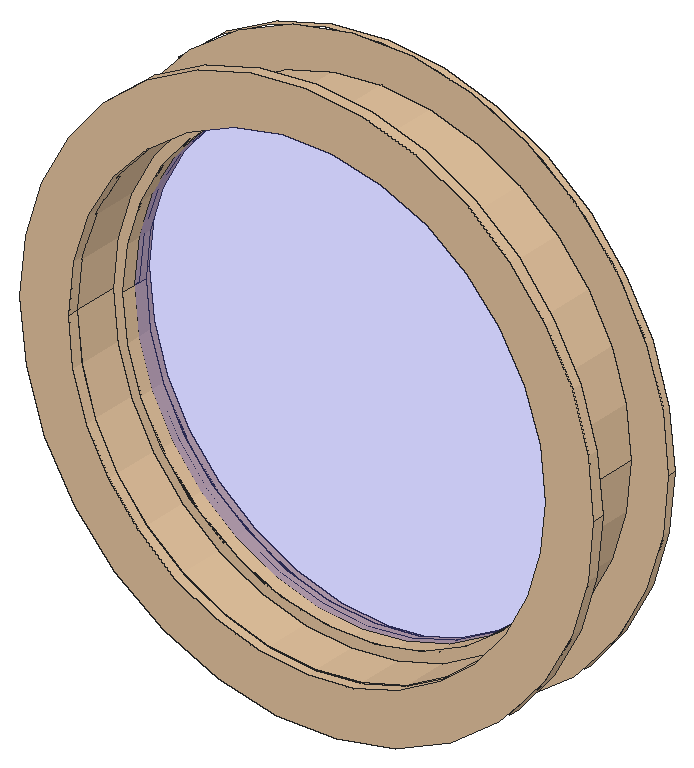
Revit family
Parameters (values of type "36" Diameter")
  Assembly Code = "B2020100"
  Glass Pane Material = Glass
  Sash Material = Sash
  Default Sill Height = 2' - 6"
  Trim Exterior Material = Trim
  Trim Interior Material = Trim
  Trim Projection - Ext. = 0' - 0 1/2"
  Trim Projection - Int. = 0' - 0 3/4"
  Trim Width - Exterior = 0' - 3 1/2"
  Trim Width - Interior = 0' - 3 1/2"
  Wall Closure = (empty or 0)
  Width = 3' - 0"
Types (5): name | Default Sill Height | Width
  (no name) | 2' - 6" | 3' - 0"
  48" Diameter | 2' - 0" | 4' - 0"
  36" Diameter | 2' - 6" | 3' - 0"
  24" Diameter | 3' - 0" | 2' - 0"
  60" Diameter | 1' - 6" | 5' - 0"
Reference planes (in)
  plane 1: y = 0
  plane 2 "Top": z = 66
  plane 3 "Sill": z = 30
  plane 4: z = 48
  plane 5: x = -18
  plane 6: x = 0
  plane 7: x = 18
  plane 8: x = 17.25
  plane 9: x = 20.75
  plane 10: x = -17.25
  plane 11: x = -20.75
  plane 12 "Closure": y = 1.25
Forms (in)
  Extrusion 1, solid, material "Sash" <- "Sash Material"
    sketch origin (0, 0, 0) x (1, 0, 0) y (0, 0, 1)
      loop
        circle (0, 48) r 18
      loop
        circle (0, 48) r 17.25
    from -3 to 3
  Extrusion 2, solid, material "Sash" <- "Sash Material"
    sketch origin (0, 0, 0) x (1, 0, 0) y (0, 0, 1)
      loop
        circle (0, 48) r 17.25
      loop
        circle (0, 48) r 16.5
    from -2.25 to -0.25
  Extrusion 3, solid, material "Glass" <- "Glass Pane Material"
    sketch origin (0, 0, 0) x (1, 0, 0) y (0, 0, 1)
      loop
        circle (0, 48) r 16.5
    from -1.75 to -1.25
  Extrusion 4, solid, material "Trim" <- "Trim Exterior Material"
    sketch origin (0, 0, 0) x (1, 0, 0) y (0, 0, 1)
      loop
        circle (0, 48) r 17.25
      loop
        circle (0, 48) r 20.75
    from -3.5 to -3
  Extrusion 5, solid, material "Trim" <- "Trim Interior Material"
    sketch origin (0, 0, 0) x (1, 0, 0) y (0, 0, 1)
      loop
        circle (0, 48) r 17.25
      loop
        circle (0, 48) r 20.75
    from 3 to 3.75
Lines and regions (in)
  Opening 1
    outline origin (-60, -3, 0) x (1, 0, 0) y (0, 0, 1)
      loop
        circle (60, 48) r 18
Text (in)
  text "Exterior" at (0, 40.15149, 123.01588), in view "Right"
  text "Exterior" at (-58.37056, 28.46503, 0), in view "Floor Line"
  text "Exterior" at (0, 47.49176, 116.85422), in view "Left"
Dimensions and locks (in)
  equal spacing: plane 2 "Top", plane 4, plane 3 "Sill"
  equal spacing: plane 5, plane 6, plane 7
  "Width": plane 5 to plane 7
  "Width": plane 2 "Top" to plane 3 "Sill"
  "Default Sill Height": plane 3 "Sill" to host wall
  locked: Extrusion 2 to Extrusion 2 at 2
  locked: Extrusion 1 to Extrusion 2 at 0.75
  locked: Extrusion 2 to Extrusion 3 at 0.5
  locked: Extrusion 3 to Extrusion 3 at 0.5
  "Trim Projection - Ext.": Extrusion 4 to Extrusion 4
  "Trim Projection - Int.": Extrusion 5 to Extrusion 5
  locked: plane 8 to plane 7 at 0.75
  "Trim Width - Exterior": plane 8 to plane 9
  locked: plane 5 to plane 10 at 0.75
  "Trim Width - Interior": plane 11 to plane 10
  locked: Extrusion 2 to plane 12 "Closure" at 1
  aligned and locked: host wall to Extrusion 1  (x2)
  aligned and locked: Extrusion 4 to host wall
  aligned and locked: Extrusion 5 to host wall
Automatic sketch dimensions
  Opening 1 sketch curve to plane 4 = 0' - 0"
  Opening 1 sketch curve to plane 5 = 0' - 0"
  Opening 1 sketch curve to plane 6 = 0' - 0"
  Extrusion 1 sketch curve to plane 4 = 0' - 0"  (x2)
  Extrusion 1 sketch curve to plane 5 = 0' - 0"
  Extrusion 1 sketch curve to plane 6 = 0' - 0"  (x2)
  Extrusion 1 sketch curve to Extrusion 1 sketch curve = 0' - 0 3/4"
  Extrusion 2 sketch curve to plane 4 = 0' - 0"  (x2)
  Extrusion 2 sketch curve to plane 6 = 0' - 0"  (x2)
  Extrusion 2 sketch curve to plane 5 = 0' - 1 1/2"
  Extrusion 2 sketch curve to plane 5 = 0' - 0 3/4"
  Extrusion 3 sketch curve to plane 4 = 0' - 0"
  Extrusion 3 sketch curve to plane 6 = 0' - 0"
  Extrusion 3 sketch curve to plane 5 = 0' - 1 1/2"
  Extrusion 4 sketch curve to plane 4 = 0' - 0"  (x2)
  Extrusion 4 sketch curve to plane 6 = 0' - 0"  (x3)
  Extrusion 4 sketch curve to plane 8 = 0' - 0"
  Extrusion 4 sketch curve to plane 9 = 0' - 0"
  Extrusion 5 sketch curve to plane 4 = 0' - 0"  (x2)
  Extrusion 5 sketch curve to plane 11 = 0' - 0"  (x2)
  Extrusion 5 sketch curve to plane 10 = 0' - 0"
  Extrusion 5 sketch curve to plane 6 = 0' - 0"  (x2)
